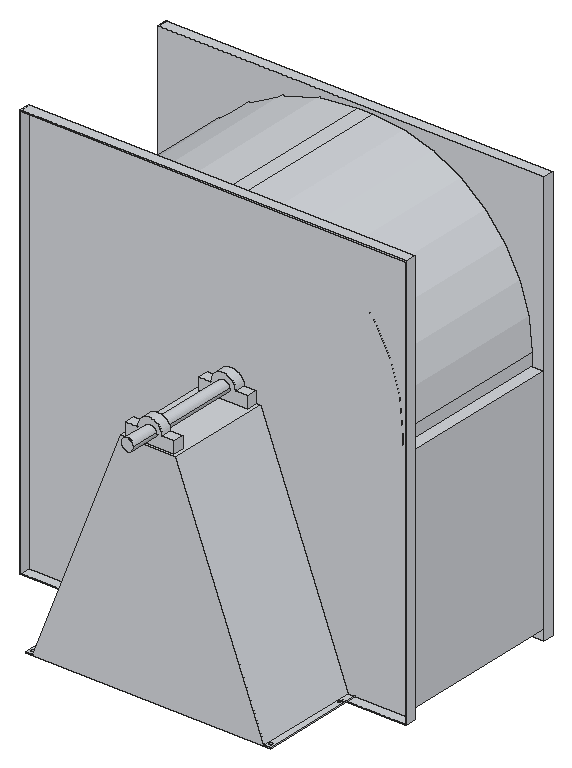
Revit family "CA-4_SWSI_ARR_1_CCW_BHD", category Mechanical Equipment, Revit 2019 (continued)
Types (55): name | S | R | P | O/2 | O | H | E | ARR_1_U-D | ARR_1_K-D | ARR_1_J/2 | ARR_1_J | MOTOR_RAD | M | L | K | J | INLET_RAD/2 | INLET_RAD+1.5" | INLET_RAD | INLET_DIA | HH | G/5 | G | F | E-(INLET_RAD+1.5") | E+(INLET_RAD+1.5") | F-E | D-((D-B)/2) | D | B | ARR_2_L-ARR_2_K | ARR_2_L | ARR_2_K | ARR_1_V | ARR_1_U | ARR_1_N | ARR_1_M | ARR_1_K | ARR_1_H | ARR_1_G | A | 2ARR_1_J+1" | 2ARR_1_J | Model | -ARR_1_J | -(ARR_2_L - ARR_2_K) | -(((K-B)/2)-.125") | -(((D - B) / 2) - 1/8") | (R-B)/2 | ((K-B)/2)+B | (D-B)/2 | -(((K-B)/2)+L) | ((D-B)/2)-.125"
  540_CA-4_SWSI_ARR_1_CCW_BHD_CLASS_3 | 29" | 44 3/4" | 22 3/8" | 17/32" | 1 1/16" | 46 1/2" | 44 7/8" | 34 3/8" | 27" | 1 31/32" | 3 15/16" | 11 13/16" | 61 5/8" | 9 1/2" | 52 1/8" | 3" | 15" | 31 1/2" | 30" | 60" | 46 1/2" | 19 3/4" | 98 3/4" | 106 5/8" | 30 1/4" | 93 1/4" | 61 3/4" | 44 1/4" | 47 1/4" | 41 1/4" | 26 7/8" | 34 3/8" | 7 1/2" | 7 1/2" | 81 5/8" | 24 9/16" | 1 1/4" | 74 1/4" | 30 3/4" | 31 3/4" | 59 1/16" | 8 7/8" | 7 7/8" | "CA-4 SWSI ARR 1 CCW BHD CLASS 3" | -3 15/16" | -26 7/8" | -5 5/16" | -2 7/8" | 1 3/4" | 46 11/16" | 3" | -14 15/16" | 2 7/8"
  600_CA-4_SWSI_ARR_1_CCW_BHD_CLASS_2 | 32" | 49 5/16" | 24 21/32" | 17/32" | 1 1/16" | 51 5/8" | 49 3/4" | 34 3/8" | 27" | 1 23/32" | 3 7/16" | 10 5/16" | 66 11/16" | 10" | 56 11/16" | 3" | 16 1/2" | 34 1/2" | 33" | 66" | 51 5/8" | 21.925" | 109 5/8" | 118" | 33 3/4" | 102 3/4" | 68 1/4" | 48 13/16" | 51 13/16" | 45 13/16" | 26 7/8" | 34 3/8" | 7 1/2" | 7 1/2" | 86 3/16" | 24 9/16" | 1 1/4" | 78 13/16" | 33 3/4" | 34 3/4" | 65 5/8" | 7 7/8" | 6 7/8" | "CA-4 SWSI ARR 1 CCW BHD CLASS 2" | -3 7/16" | -26 7/8" | -5 5/16" | -2 7/8" | 1 3/4" | 51 1/4" | 3" | -15 7/16" | 2 7/8"
  600_CA-4_SWSI_ARR_1_CCW_BHD_CLASS_3 | 32" | 49 5/16" | 24 21/32" | 17/32" | 1 1/16" | 51 5/8" | 49 3/4" | 34 3/8" | 27" | 1 31/32" | 3 15/16" | 11 13/16" | 66 11/16" | 10" | 56 11/16" | 3" | 16 1/2" | 34 1/2" | 33" | 66" | 51 5/8" | 21.925" | 109 5/8" | 118" | 33 3/4" | 102 3/4" | 68 1/4" | 48 13/16" | 51 13/16" | 45 13/16" | 26 7/8" | 34 3/8" | 7 1/2" | 7 1/2" | 86 3/16" | 24 9/16" | 1 1/4" | 78 13/16" | 33 3/4" | 34 3/4" | 65 5/8" | 8 7/8" | 7 7/8" | "CA-4 SWSI ARR 1 CCW BHD CLASS 3" | -3 15/16" | -26 7/8" | -5 5/16" | -2 7/8" | 1 3/4" | 51 1/4" | 3" | -15 7/16" | 2 7/8"
